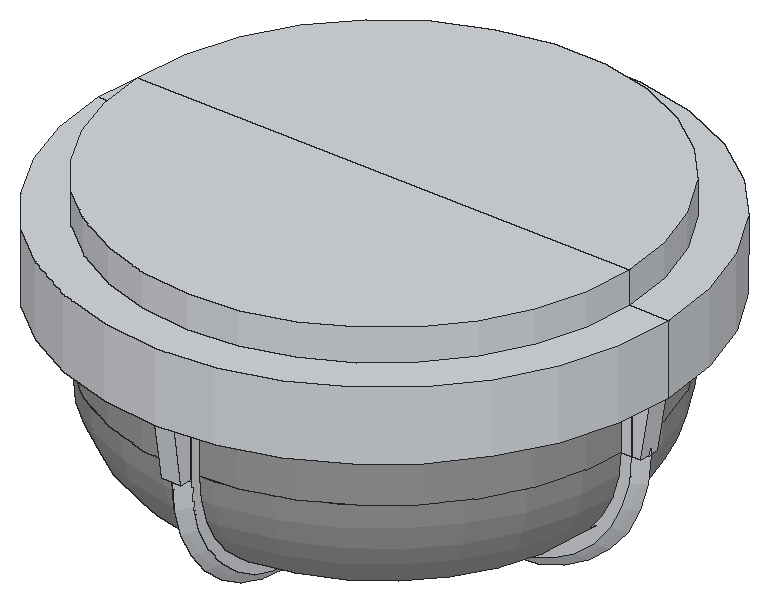
Revit family "O10-S290-E LED 500 AC 840 AL", category Lighting Fixtures, Revit 2016
Family settings
  Part Type = Normal
  Round Connector Dimension = Use Diameter
  OmniClass Number = 23.80.70.00
  OmniClass Title = Lighting
  Work Plane-Based = No
  Always vertical = Yes
  Cut with Voids When Loaded = No
  Light Source = Yes
  Shared = No
  Room Calculation Point = No
Parameters
  Wiring Accessories = ""
  Wattage Comments = ""
  Wattage = 12 W
  VoltageMax = 240 V
  built-in parameter 1150110 = 1 (stored number, unit not read)
  Voltage = 220 V
  UpdateDate = "08.02.2018 18:30:05"
  URL UK = "http://glamox.com/uk/products/O10-S290/items/O10314100"
  URL Sweden = "http://glamox.com/se/produkter/O10-S290/items/O10314100"
  URL Russia = "http://glamox.com/ru/products/O10-S290/items/O10314100"
  URL Other = "http://glamox.com/gsx/products/O10-S290/items/O10314100"
  URL Norway = "http://glamox.com/no/produkter/O10-S290/items/O10314100"
  URL Ireland = "http://glamox.com/ie/products/O10-S290/items/O10314100"
  URL Germany = "http://glamox.com/de/products/O10-S290/items/O10314100"
  URL Finland = "http://glamox.com/fi/products/O10-S290/items/O10314100"
  URL Estonia = "http://glamox.com/ee/products/O10-S290/items/O10314100"
  URL Denmark = "http://glamox.com/dk/produkter/O10-S290/items/O10314100"
  URL = ""
  TypeOfEmergency = ""
  TypeOfBallast = ""
  TotalWattage = 12 W
  Total Load = 12 W
  built-in parameter 1114217 = 1 (stored number, unit not read)
  Top Radius = Radius - 32.5 mm  # 112.5 mm
  Tilt Angle = 90.00°
  Termination = "5x2x2,5 PI"
  built-in parameter 1150109 = 1 (stored number, unit not read)
  built-in parameter 1150134 = (empty or 0)
  built-in parameter 1150113 = 1 (stored number, unit not read)
  Specification = "Outdoor product, in Aluminium, for Surface/Wall mounting, impact classification IK10, IP66, light source LED, lumen out 435lm, ballast type AC, with light source type CRI>80, 4000K, with Polycarbonate diffuser."
  Remark = ""
  RatedVoltage = 220 V
  PowerFactor = 98.00%
  Power Factor = 0.98
  Plug Type = ""
  Photometric Web File = "O10-S290-E-LED-500-840.ies"
  Optic = ""
  Number of Poles = 1
  NominalFrequencyRange = 50 Hz
  ModelReference = "O10-S290"
  ModelLabel = "O10-S290-E LED 500 AC 840 AL"
  Maximum TA = 40
  MaintenanceFactor = 0
  MFArtNo = "O10314100"
  LumDiameter = Diameter  # 290 mm
  Load Classification [instance] = Lighting
  Model = ""
  Manufacturer = "Glamox"
  Lumens = 435 lm
  built-in parameter 1150115 = 1 (stored number, unit not read)
  built-in parameter 1150105 = 34.616 (stored number, unit not read)
  LightFixturePlacingType = "CEILING"
  LightFixtureMountingType = "SURFACE"
  built-in parameter 1150137 = (empty or 0)
  built-in parameter 1150139 = (empty or 0)
  LampBase = ""
  Lamp Wattage Comments = ""
  built-in parameter 1150112 = 1 (stored number, unit not read)
  built-in parameter 1150114 = 1 (stored number, unit not read)
  Lamp = "LED"
  built-in parameter 1150132 = 2
  built-in parameter 1150102 = (empty or 0)
  built-in parameter 1150138 = (empty or 0)
  built-in parameter 1150107 = 3000 (stored number, unit not read)
  built-in parameter 1150106 = 0.34616 (stored number, unit not read)
  IP_Code = "66"
  IPClass = "66"
  IK_Code = ""
  IFC Classification = "Light Fixture"
  Height = 149 mm
  GlobalTradeItemNumber = "4741145287760"
  Glamox Mounting = "Surface"
  Glamox Family = "O10-S290"
  Glamox Category = "Outdoor"
  FrequencyMax = 60 Hz
  Frequency = 50 Hz
  Expired = "0"
  Emit from Circle Diameter = LumDiameter  # 290 mm
  Emit Shape Visible in Rendering = yes
  built-in parameter 1150104 = 3.3677 (stored number, unit not read)
  ELNo Norway = ""
  ELNo Finland = ""
  EANNo = "4741145287760"
  DurationInBatteryMode = ""
  Dimming Lamp Color Temperature Shift = Incandescent Lamp Curve
  Diameter = 290 mm
  Description = "O10-S290-E LED 500 AC 840 AL"
  Cut Out = ""
  Completion = ""
  Color Filter = 16777215
  Radius = Diameter / 2  # 145 mm
  Body Material and Colour = Default
  built-in parameter 1114218 = 1 (stored number, unit not read)
  built-in parameter 1150133 = 10 (stored number, unit not read)
  Assembly Code = ""
  ArticleNumber = "O10314100"
  Apparent Load = Total Load / Power Factor  # 12.2449 VA
  #Ballast = 1
  # ballast on a MCB16 type C fuse = "176"
  # ballast on a MCB16 type B fuse = "130"
Reference planes
  plane 1 "Light Source Axis (F/B)": y = 119.961
  plane 2: z = 0
  plane 3 "Light Source Axis (L/R)": x = 0
  plane 4 "Light Source Elevation": z = -150.079
  plane 5: z = -150.079
  plane 6: x = 145
  plane 7: x = 125
  plane 8: x = 0
  plane 9: y = 0.31
Forms (mm)
  Extrusion 1, solid, material "Default" <- "Body Material and Colour", not visible
    sketch origin (-13.045, 0, -1.079) x (1, 0, 0) y (0, 1, 0)
      loop
        circle (0, 119.961) r 10
    from -1.079 to 0
  Revolve 2, solid
    sketch origin (0, 0, -1.079) x (-1, 0, 0) y (0, 0, -1)
      loop
        arc (-66, 140.079) -> (-107.719, 122.798) -> (-125, 81.079) r 59
        line (-125, 81.079) -> (-125, 51.079) -> (-125, 48.126) -> (-140, 48.126) -> (-140, 51.079) -> (-145, 51.079) -> (-145, 16.079) -> (-125, 16.079) -> (-125, 0) -> (0, 0) -> (0, 140.079) -> (-66, 140.079)
      axis (0, 140.079) -> (0, 0)
    angle from 0 to 360
  Extrusion 3, solid
    sketch origin (0, 0, -1.079) x (-1, 0, 0) y (0, 0, -1)
      loop
        line (-140, 51.079) -> (-125, 51.079) -> (-125, 81.079) -> (-134.828, 81.079) -> (-140, 51.079)
    from -5 to 5
  Extrusion 4, solid
    sketch origin (0, 0, -1.079) x (1, 0, 0) y (0, 0, 1)
      loop
        line (-140, -51.079) -> (-134.916, -81.079) -> (-125, -81.079) -> (-125, -51.079) -> (-140, -51.079)
    from -5 to 5
  Extrusion 5, solid
    sketch origin (0, 0, -1.079) x (0, 1, 0) y (0, 0, -1)
      loop
        line (140, 51.079) -> (135.076, 81.079) -> (125.456, 81.079) -> (125.456, 51.079) -> (140, 51.079)
    from -5.31 to 4.69
  Extrusion 6, solid
    sketch origin (0, 0, -1.079) x (0, -1, 0) y (0, 0, 1)
      loop
        line (140, -51.079) -> (125, -51.079) -> (125, -81.079) -> (135.095, -81.079) -> (140, -51.079)
    from -5 to 5
  Sweep 7, solid
    path origin (0, 0, -1.079) x (-1, 0, 0) y (0, 0, -1)
      loop
        line (-130, 51.079) -> (-130, 81.079)
        arc (-130, 81.079) -> (-110.962, 127.041) -> (-65, 146.079) r 65
        line (-65, 146.079) -> (0, 146.079) -> (64.958, 146.079)
        arc (64.958, 146.079) -> (110.92, 127.041) -> (129.958, 81.079) r 65
        line (129.958, 81.079) -> (129.958, 51.079)
    profile origin (110.962, 0, -128.12) x (0.707107, 0, -0.707107) y (0, -1, 0)
      loop
        line (-5.707, 5) -> (-5.707, -5) -> (0, -5)
        arc (0, -5) -> (3.052, -2.976) -> (5.564, -0.31) r 16
        arc (5.564, -0.31) -> (3.133, 2.528) -> (0.33, 5) r 26.787
        line (0.33, 5) -> (-5.707, 5)
  Sweep 8, solid
    path origin (0.31, 1.234, -1.491) x (0, -1, 0) y (0, 0, -1)
      loop
        line (-130, 51.079) -> (-130, 81.079)
        arc (-130, 81.079) -> (-110.962, 127.041) -> (-65, 146.079) r 65
        line (-65, 146.079) -> (0, 146.079) -> (64.958, 146.079)
        arc (64.958, 146.079) -> (110.92, 127.041) -> (129.958, 81.079) r 65
        line (129.958, 81.079) -> (129.958, 50.667)
    profile origin (0.31, 112.196, -128.532) x (0, 0.707107, -0.707107) y (1, 0, 0)
      loop
        line (-5.707, 5) -> (-5.707, -5) -> (0, -5)
        arc (0, -5) -> (3.052, -2.976) -> (5.564, -0.31) r 16
        arc (5.564, -0.31) -> (3.133, 2.528) -> (0.33, 5) r 26.787
        line (0.33, 5) -> (-5.707, 5)
Lines and regions (mm)
  symbolic lines
    curve 1: circle (0, 0.31, -150.079) r 145 normal (0, 0, -1)
    curve 2: line (0, 0.31, -150.079) -> (102.53, 102.841, -150.079)
    curve 3: line (0, 0.31, -150.079) -> (-102.53, 102.841, -150.079)
    curve 4: line (0, 0.31, -150.079) -> (-102.53, -102.22, -150.079)
    curve 5: line (0, 0.31, -150.079) -> (102.53, -102.22, -150.079)
Dimensions and locks
  "Height": plane 5 to level
  "Radius": plane 6 to plane 8
  aligned and locked: plane 4 "Light Source Elevation" to imposter light
  aligned and locked: plane 1 "Light Source Axis (F/B)" to Extrusion 1 sketch curve
  aligned and locked: Revolve 2 sketch curve to Revolve 2 sketch curve
  aligned and locked: Revolve 2 to Extrusion 3 sketch curve
  aligned and locked: Extrusion 4 sketch curve to Revolve 2  (x2)
  aligned and locked: Sweep 7 sketch curve to Sweep 7 sketch curve
  aligned and locked: Extrusion 4 to Sweep 7 sketch curve
  aligned and locked: Sweep 8 sketch curve to Sweep 8 sketch curve
  aligned and locked: Sweep 7 to Extrusion 4
  aligned and locked: Revolve 2 to Revolve 2
  aligned and locked: plane 5 to imposter light
  aligned and locked: plane 6 to Revolve 2
  aligned and locked: plane 7 to Revolve 2
  aligned and locked: plane 3 "Light Source Axis (L/R)" to plane 8
  aligned and locked: level to Revolve 2 sketch curve
  aligned and locked: plane 4 "Light Source Elevation" to plane 5
  aligned and locked: plane 9 to Sweep 7
  aligned and locked: imposter light to plane 9
Automatic sketch dimensions
  Extrusion 1 sketch curve to plane 3 "Light Source Axis (L/R)" = 13.045 mm
  Revolve 2 sketch curve to plane 6 = 0 mm
  plane 7 to Revolve 2 sketch curve = 0 mm
  Revolve 2 sketch curve to plane 7 = 0 mm
  Revolve 2 sketch curve to plane 3 "Light Source Axis (L/R)" = 0 mm  (x2)
  Revolve 2 sketch curve to plane 6 = 5 mm
  Revolve 2 sketch curve to Revolve 2 sketch curve = 59 mm
  Revolve 2 sketch curve to level = 16.079 mm
  Revolve 2 sketch curve to Revolve 2 sketch curve = 32.047 mm
  Revolve 2 sketch curve to Revolve 2 sketch curve = 2.953 mm  (x2)
  Revolve 2 sketch curve to Revolve 2 sketch curve = 30 mm
  plane 2 to Revolve 2 sketch curve = 28.842 mm
  plane 4 "Light Source Elevation" to Revolve 2 sketch curve = 16.079 mm
  plane 7 to Extrusion 3 sketch curve = 0 mm
  Extrusion 3 sketch curve to Extrusion 3 sketch curve = 9.828 mm
  Extrusion 3 sketch curve to plane 6 = 5 mm
  Extrusion 3 sketch curve to Extrusion 3 sketch curve = 30 mm
  Extrusion 4 sketch curve to Extrusion 4 sketch curve = 5.084 mm
  Extrusion 4 sketch curve to Extrusion 4 sketch curve = 9.916 mm
  Extrusion 4 sketch curve to Extrusion 4 sketch curve = 30 mm
  Extrusion 5 sketch curve to plane 1 "Light Source Axis (F/B)" = 5.495 mm
  Extrusion 5 sketch curve to Extrusion 5 sketch curve = 9.621 mm
  Extrusion 5 sketch curve to Extrusion 5 sketch curve = 14.544 mm
  Extrusion 5 sketch curve to level = 51.079 mm
  Extrusion 5 sketch curve to Extrusion 5 sketch curve = 30 mm
  Extrusion 6 sketch curve to level = 51.079 mm
  Extrusion 6 sketch curve to plane 9 = 125.31 mm
  Extrusion 6 sketch curve to Extrusion 6 sketch curve = 10.095 mm
  Extrusion 6 sketch curve to Extrusion 6 sketch curve = 15 mm
  Extrusion 6 sketch curve to Extrusion 6 sketch curve = 30 mm
  Sweep 7 sketch curve to plane 3 "Light Source Axis (L/R)" = 0 mm
  Sweep 7 sketch curve to plane 7 = 60 mm
  plane 7 to Sweep 7 sketch curve = 5 mm
  Sweep 7 sketch curve to plane 3 "Light Source Axis (L/R)" = 64.958 mm
  Sweep 7 sketch curve to Sweep 7 sketch curve = 65 mm
  Sweep 7 sketch curve to Sweep 7 sketch curve = 30 mm  (x2)
  Sweep 7 sketch curve to profile plane = 0 mm
  profile plane to Sweep 7 sketch curve = 5.707 mm
  Sweep 7 sketch curve to Sweep 7 sketch curve = 1.552 mm
  Sweep 7 sketch curve to Sweep 7 sketch curve = 10.238 mm
  Sweep 7 sketch curve to profile plane = 0.33 mm
  Sweep 7 sketch curve to profile plane = 16.276 mm
  Sweep 7 sketch curve to profile plane = 5 mm
  profile plane to Sweep 7 sketch curve = 5 mm
  Sweep 7 sketch curve to Sweep 7 sketch curve = 4.259 mm
  Sweep 8 sketch curve to plane 1 "Light Source Axis (F/B)" = 11.274 mm
  Sweep 8 sketch curve to plane 4 "Light Source Elevation" = 2.509 mm
  plane 1 "Light Source Axis (F/B)" to Sweep 8 sketch curve = 53.726 mm
  plane 9 to Sweep 8 sketch curve = 0.924 mm
  Sweep 8 sketch curve to plane 9 = 64.034 mm
  Sweep 8 sketch curve to Sweep 8 sketch curve = 65 mm
  Sweep 8 sketch curve to Sweep 8 sketch curve = 30 mm
  Sweep 8 sketch curve to Sweep 8 sketch curve = 30.412 mm
  Sweep 8 sketch curve to profile plane = 0 mm
  profile plane to Sweep 8 sketch curve = 5.707 mm
  Sweep 8 sketch curve to Sweep 8 sketch curve = 1.552 mm
  Sweep 8 sketch curve to Sweep 8 sketch curve = 10.238 mm
  Sweep 8 sketch curve to profile plane = 0.33 mm
  Sweep 8 sketch curve to profile plane = 16.276 mm
  Sweep 8 sketch curve to profile plane = 5 mm
  profile plane to Sweep 8 sketch curve = 5 mm
  Sweep 8 sketch curve to Sweep 8 sketch curve = 4.259 mm
  curve 2 to plane 3 "Light Source Axis (L/R)" = 0 mm
  curve 2 to plane 9 = 0 mm
  curve 1 to plane 3 "Light Source Axis (L/R)" = 0 mm
  curve 1 to plane 9 = 0 mm
  plane 1 "Light Source Axis (F/B)" to curve 3 = 17.12 mm
  plane 1 "Light Source Axis (F/B)" to curve 2 = 17.12 mm
  radius of Extrusion 1 sketch curve = 10 mm
Connectors
  electrical at (-13.045, 119.961, -1.079), driven by "Voltage", driven by "Total Load", driven by "Number of Poles", driven by "Load Classification", driven by "Power Factor"
    settings: on Extrusion 1, index 1, voltage 220 V, apparent load 0 VA, apparent load phase1 12 VA, apparent load phase2 0 VA, apparent load phase3 0 VA, power factor 0.98, load classification "Lighting", number of poles 1, system type 31, power factor state 1, is connector primary yes, connector utility no, sub classification motor no, connector description ""
